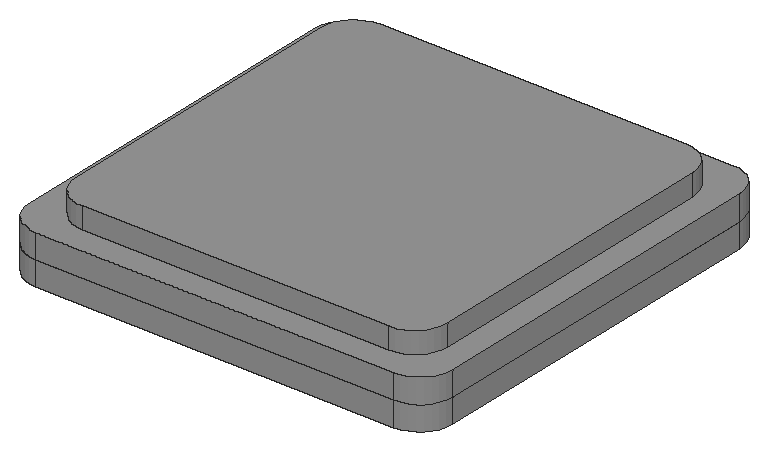
Revit family "FMS2_63_UN_Surface-mounted_ETK", category Lighting Fixtures, Revit 2019 (continued)
Definition of nested family "FMS.2 - Lightsource"
  Types (14, lengths in mm): name | Wattage Comments | Wattage | built-in parameter 1150134 | Photometric Web File | built-in parameter 1150142 | built-in parameter 1150105 | Lumens | built-in parameter 1150107 | built-in parameter 1150106 | Apparent Load
      9.9543\t468.7114\t467.3304\t465.9494\t464.7065\t463.3255\t461.3921\r\n458.9063\t456.4205\t453.9347\t451.4489\t449.1012\t446.4773\t443.9915\t441.5057\t439.0199\t436.5341\r\n434.0483\t431.4244\t428.9386\t426.3147\t423.8289\t421.205\t418.5811\t415.9572\t413.4714\t410.8475\r\n408.2236\t405.7378\t403.1139\t400.49\t398.0042\t395.2422\t392.6183\t389.9944\t387.3705\t384.7466\r\n382.2608\t379.6369\t377.013\t374.3891\t371.7652\t368.3127\t364.8602\t361.4077\t357.9552\t354.5027\r\n351.0502\t347.5977\t344.1452\t340.6927\t337.2402\t333.7877\t330.3352\t326.8827\t323.5683\t320.1158\r\n316.8014\t313.3489\t310.0345\t306.582\t303.2676\t299.8151\t296.5007\t293.0482\t289.7338\t286.4194\r\n282.9669\t279.6525\t276.3381\t273.0237\t269.7093\t266.3949\t262.5281\t258.7994\t254.9326\t251.2039\r\n247.4752\t243.7465\t240.0178\t236.2891\t232.5604\t228.9698\t225.2411\t221.5124\t217.7837\t214.055\r\n210.3263\t206.5976\t203.007\t199.4164\t195.8258\t192.2352\t188.6446\t185.054\t181.6015\t178.0109\r\n174.4203\t170.9678\t167.5153\t163.7866\t160.0579\t156.3292\t152.6005\t149.0099\t145.2812\t141.6906\r\n138.031\t134.4265\t130.8221\t127.2453\t123.6824\t120.1194\t116.584\t113.0487\t109.5133\t105.9917\r\n102.484\t98.9763\t95.4823\t91.9884\t88.4945\t85.0282\t81.5481\t76.7698\t66.6747\t56.5796\r\n46.4983\t36.417\t26.3357\t16.2544\t6.1896\t0\t0\t0\t0\t0\r\n0\t0\t0\t0\t0\t0\t0\t0\t0\t0\r\n0\r\n502.9602\t502.1316\t501.1649\t500.3363\t499.6458\t498.9553\t498.1267\t497.2981\t496.4695\t495.6409\r\n494.8123\t493.9837\t493.017\t492.0503\t491.2217\t490.1169\t489.1502\t488.0454\t486.9406\t485.8358\r\n484.8691\t483.6262\t482.3833\t481.1404\t480.0356\t478.7927\t477.5498\t476.3069\t475.064\t473.683\r\n472.302\t471.0591\t469.6781\t468.2971\t466.778\t465.397\t463.8779\t462.3588\t460.8397\t459.3206\r\n457.8015\t456.1443\t454.0728\t451.587\t449.1012\t446.4773\t443.9915\t441.3676\t438.7437\t436.1198\r\n433.4959\t430.7339\t428.11\t425.4861\t422.8622\t420.1002\t417.4763\t414.8524\t412.2285\t409.3284\r\n406.5664\t403.8044\t401.1805\t398.4185\t395.7946\t393.0326\t390.2706\t387.5086\t384.7466\t381.9846\r\n379.3607\t376.5987\t373.8367\t371.0747\t368.3127\t365.5507\t362.7887\t360.0267\t357.2647\t354.0884\r\n350.4978\t346.9072\t343.4547\t339.8641\t336.4116\t332.821\t329.3685\t325.7779\t322.3254\t318.7348\r\n315.2823\t311.6917\t308.2392\t304.6486\t301.1961\t297.7436\t294.153\t290.7005\t287.248\t283.9336\r\n280.4811\t277.0286\t273.5761\t270.1236\t266.6711\t263.2186\t259.9042\t256.4517\t253.1373\t249.8229\r\n246.2323\t242.3655\t238.4987\t234.6319\t230.9032\t227.0364\t223.3077\t219.579\t215.8503\t212.1216\r\n208.3929\t204.8023\t201.0736\t197.3449\t193.6162\t190.0256\t186.435\t182.7063\t179.1157\t175.5251\r\n171.9345\t168.3439\t164.8914\t161.3008\t157.7102\t154.2577\t150.6671\t147.0765\t143.4859\t139.8953\r\n136.2495\t132.6865\t129.1373\t125.5743\t122.0252\t118.5036\t114.9959\t111.5019\t108.0218\t104.5555\r\n101.103\t97.6505\t94.2256\t90.8007\t87.3897\t83.9924\t80.609\t77.2393\t73.8835\t67.5033\r\n57.5325\t47.5755\t37.6184\t27.6752\t17.732\t7.8027\t0\t0\t0\t0\r\n0\t0\t0\t0\t0\t0\t0\t0\t0\t0\r\n0\r\n502.9602\t502.1316\t501.1649\t500.3363\t499.6458\t498.9553\t498.2648\t497.2981\t496.4695\t495.779\r\n494.9504\t493.9837\t493.017\t492.0503\t491.0836\t489.9788\t488.874\t487.7692\t486.6644\t485.5596\r\n484.3167\t483.0738\t481.8309\t480.588\t479.3451\t478.1022\t476.7212\t475.3402\t473.9592\t472.5782\r\n471.0591\t469.6781\t468.159\t466.6399\t464.9827\t463.4636\t461.8064\t460.2873\t458.6301\t456.9729\r\n455.3157\t453.6585\t452.0013\t450.206\t448.4107\t446.6154\t444.1296\t441.5057\t438.7437\t435.9817\r\n433.3578\t430.5958\t427.9719\t425.2099\t422.3098\t419.4097\t416.5096\t413.8857\t411.1237\t408.3617\r\n405.4616\t402.5615\t399.7995\t396.8994\t393.9993\t391.2373\t388.3372\t385.5752\t382.6751\t379.6369\r\n376.7368\t373.8367\t370.9366\t368.0365\t365.1364\t362.3744\t359.4743\t356.5742\t353.6741\t350.774\r\n347.8739\t344.9738\t342.0737\t339.1736\t336.1354\t332.5448\t328.8161\t325.0874\t321.4968\t317.9062\r\n314.3156\t310.725\t306.9963\t303.4057\t299.677\t296.0864\t292.4958\t288.9052\t285.3146\t281.724\r\n278.1334\t274.5428\t270.9522\t267.4997\t263.9091\t260.4566\t257.0041\t253.5516\t250.0991\t246.5085\r\n243.056\t239.6035\t236.151\t232.6985\t229.246\t225.6554\t221.7886\t217.9218\t214.055\t210.3263\r\n206.4595\t202.7308\t199.0021\t195.2734\t191.5447\t187.816\t184.0873\t180.4967\t176.768\t173.0393\r\n169.4487\t165.8581\t162.2675\t158.6769\t155.2244\t151.6338\t148.0432\t144.5907\t141.1382\t137.6305\r\n134.0813\t130.5183\t126.9691\t123.4476\t119.9398\t116.4597\t113.0072\t109.5547\t106.1437\t102.7326\r\n99.3491\t95.9795\t92.6237\t89.2955\t85.9811\t82.6805\t79.3937\t76.1345\t72.8754\t69.6438\r\n66.4261\t59.5902\t49.7436\t39.9109\t30.092\t20.2731\t10.4638\t0.6596\t0\t0\r\n0\t0\t0\t0\t0\t0\t0\t0\t0\t0\r\n0\r\n502.9602\t502.1316\t501.1649\t500.4744\t499.7839\t499.0934\t498.2648\t497.4362\t496.6076\t495.779\r\n494.9504\t493.9837\t493.017\t492.0503\t490.9455\t489.9788\t488.874\t487.7692\t486.5263\t485.1453\r\n483.9024\t482.7976\t481.5547\t480.1737\t478.9308\t477.4117\t476.0307\t474.5116\t473.1306\t471.6115\r\n470.0924\t468.4352\t466.778\t465.2589\t463.6017\t461.9445\t460.1492\t458.492\t456.6967\t455.0395\r\n453.1061\t451.3108\t449.5155\t447.5821\t445.6487\t443.7153\t441.7819\t439.8485\t437.777\t435.8436\r\n433.7721\t430.872\t427.9719\t425.0718\t422.3098\t419.5478\t416.6477\t413.7476\t410.7094\t407.8093\r\n404.7711\t402.0091\t399.109\t396.0708\t393.0326\t389.9944\t386.9562\t383.918\t381.0179\t377.9797\r\n374.9415\t371.9033\t368.8651\t365.8269\t362.7887\t359.7505\t356.7123\t353.6741\t350.6359\t347.4596\r\n344.4214\t341.3832\t338.345\t335.3068\t332.2686\t329.0923\t326.0541\t323.0159\t319.8396\t316.8014\r\n313.7632\t310.3107\t306.582\t302.7152\t298.9865\t295.2578\t291.391\t287.6623\t284.0717\t280.343\r\n276.7524\t273.0237\t269.4331\t265.7044\t261.9757\t258.247\t254.5183\t250.9277\t247.3371\t243.7465\r\n240.1559\t236.5653\t232.9747\t229.5222\t225.9316\t222.341\t218.7504\t215.2979\t211.8454\t208.3929\r\n204.9404\t201.2117\t197.2068\t193.34\t189.6113\t185.7445\t182.0158\t178.149\t174.4203\t170.6916\r\n166.9629\t163.3723\t159.7817\t156.053\t152.6005\t148.8718\t145.2812\t141.6906\t138.2381\t134.7165\r\n131.2917\t127.8944\t124.511\t121.1689\t117.7302\t114.2777\t110.8391\t107.4418\t104.0583\t100.6887\r\n97.3329\t94.0047\t90.7179\t87.4587\t84.2134\t81.0095\t77.8332\t74.6845\t71.5358\t68.4147\r\n65.3213\t62.2279\t59.162\t52.9337\t43.1977\t33.4754\t23.767\t14.0586\t4.3626\t0\r\n0\t0\t0\t0\t0\t0\t0\t0\t0\t0\r\n0\r\n502.9602\t502.1316\t501.1649\t500.4744\t499.922\t499.2315\t498.4029\t497.5743\t496.7457\t496.0552\r\n495.0885\t494.1218\t493.1551\t492.0503\t491.0836\t489.9788\t488.874\t487.6311\t486.2501\t485.0072\r\n483.9024\t482.6595\t481.2785\t479.8975\t478.5165\t476.9974\t475.4783\t473.9592\t472.4401\t470.7829\r\n469.1257\t467.4685\t465.8113\t464.1541\t462.3588\t460.7016\t458.9063\t456.9729\t455.1776\t453.2442\r\n451.3108\t449.2393\t447.3059\t445.2344\t443.301\t441.2295\t439.158\t437.0865\t434.8769\t432.5292\r\n430.4577\t428.2481\t426.0385\t423.8289\t421.6193\t419.1335\t416.7858\t414.1619\t411.2618\t408.2236\r\n405.1854\t402.0091\t398.9709\t395.7946\t392.7564\t389.7182\t386.5419\t383.3656\t380.1893\t377.1511\r\n373.9748\t370.7985\t367.6222\t364.3078\t361.1315\t357.9552\t354.7789\t351.6026\t348.4263\t345.1119\r\n341.9356\t338.6212\t335.4449\t332.1305\t328.8161\t325.6398\t322.4635\t319.1491\t315.9728\t312.6584\r\n309.4821\t306.1677\t302.9914\t299.9532\t296.7769\t293.6006\t290.4243\t286.9718\t283.6574\t279.9287\r\n276.2\t272.4713\t268.6045\t264.7377\t260.8709\t257.0041\t253.1373\t249.4086\t245.5418\t241.8131\r\n238.0844\t234.3557\t230.4889\t226.7602\t223.1696\t219.4409\t215.7122\t211.9835\t208.3929\t204.8023\r\n201.2117\t197.6211\t194.0305\t190.4399\t186.8493\t183.2587\t179.8062\t176.3537\t172.4869\t168.6201\r\n164.7533\t161.0246\t157.2959\t153.5672\t149.8385\t146.2479\t142.5192\t138.9286\t135.4485\t131.8717\r\n128.3363\t124.8286\t121.3485\t117.9374\t114.554\t111.1981\t107.8561\t104.5693\t101.2963\t98.0234\r\n94.7642\t91.5327\t88.3288\t85.1525\t82.0176\t78.8965\t75.8307\t72.7787\t69.7681\t66.7713\r\n63.8022\t60.8469\t57.9191\t55.019\t52.1328\t47.4926\t37.8394\t28.1862\t18.5468\t8.9005\r\n0\t0\t0\t0\t0\t0\t0\t0\t0\t0\r\n0\r\n502.9602\t502.1316\t501.303\t500.6125\t500.0601\t499.3696\t498.541\t497.7124\t497.0219\t496.1933\r\n495.2266\t494.2599\t493.2932\t492.3265\t491.2217\t490.1169\t488.874\t487.6311\t486.3882\t485.1453\r\n483.9024\t482.5214\t481.2785\t479.7594\t478.2403\t476.7212\t475.2021\t473.683\t472.0258\t470.3686\r\n468.7114\t466.9161\t465.2589\t463.4636\t461.6683\t459.7349\t457.8015\t455.8681\t453.9347\t451.8632\r\n449.9298\t447.7202\t445.6487\t443.5772\t441.5057\t439.2961\t437.0865\t434.7388\t432.5292\t430.3196\r\n427.9719\t425.6242\t423.1384\t420.7907\t418.443\t416.0953\t413.6095\t411.1237\t408.6379\t406.014\r\n403.3901\t400.9043\t398.2804\t395.6565\t393.0326\t390.2706\t387.0943\t383.918\t380.6036\t377.1511\r\n373.8367\t370.6604\t367.346\t364.0316\t360.7172\t357.2647\t353.9503\t350.6359\t347.1834\t343.869\r\n340.4165\t336.964\t333.6496\t330.1971\t326.8827\t323.4302\t320.1158\t316.6633\t313.3489\t309.8964\r\n306.582\t303.1295\t299.5389\t296.0864\t292.772\t289.3195\t286.0051\t282.6907\t279.2382\t275.7857\r\n272.3332\t269.0188\t265.5663\t262.2519\t258.7994\t255.485\t252.1706\t248.8562\t245.2656\t241.2607\r\n237.1177\t233.2509\t229.3841\t225.5173\t221.6505\t217.6456\t213.7788\t209.912\t206.1833\t202.3165\r\n198.5878\t194.721\t190.9923\t187.2636\t183.5349\t179.8062\t176.0775\t172.4869\t168.7582\t165.1676\r\n161.577\t158.1245\t154.672\t151.0814\t147.6289\t143.9002\t140.0334\t136.4014\t132.7417\t129.1097\r\n125.4915\t121.9285\t118.4069\t114.8854\t111.3915\t107.9252\t104.5003\t101.0892\t97.7334\t94.3913\r\n91.1184\t87.9421\t84.821\t81.7276\t78.7032\t75.7064\t72.7511\t69.8372\t66.9647\t64.1198\r\n61.3302\t58.5682\t55.8476\t53.1547\t50.4894\t47.8516\t45.2416\t42.6453\t33.5169\t23.8637\r\n14.2243\t4.5877\t0\t0\t0\t0\t0\t0\t0\t0\r\n0\r\n502.9602\t502.1316\t501.303\t500.7506\t500.1982\t499.5077\t498.6791\t497.9886\t497.16\t496.4695\r\n495.5028\t494.5361\t493.5694\t492.6027\t491.4979\t490.3931\t489.0121\t487.7692\t486.6644\t485.4215\r\n484.1786\t482.7976\t481.2785\t479.7594\t478.3784\t476.8593\t475.2021\t473.5449\t471.8877\t470.2305\r\n468.4352\t466.778\t464.9827\t463.0493\t461.1159\t459.1825\t457.2491\t455.1776\t453.1061\t451.0346\r\n448.9631\t446.8916\t444.682\t442.4724\t440.2628\t437.9151\t435.5674\t433.3578\t430.872\t428.5243\r\n426.0385\t423.5527\t421.0669\t418.7192\t416.2334\t413.6095\t410.9856\t408.3617\t405.7378\t403.1139\r\n400.3519\t397.5899\t394.8279\t392.204\t389.5801\t386.68\t383.7799\t380.8798\t378.1178\t375.2177\r\n372.3176\t369.4175\t366.3793\t363.3411\t360.441\t357.5409\t354.5027\t350.9121\t347.4596\t344.0071\r\n340.4165\t337.1021\t333.5115\t329.9209\t326.3303\t322.8778\t319.4253\t315.8347\t312.106\t308.3773\r\n304.9248\t301.3342\t297.8817\t294.4292\t290.7005\t286.9718\t283.3812\t279.9287\t276.3381\t272.7475\r\n269.0188\t265.5663\t261.9757\t258.3851\t254.7945\t251.2039\t247.6133\t244.1608\t240.4321\t236.8415\r\n233.389\t229.7984\t226.3459\t222.7553\t219.3028\t215.7122\t212.2597\t208.6691\t205.2166\t201.4879\r\n197.483\t193.6162\t189.4732\t185.4683\t181.6015\t177.7347\t173.8679\t170.0011\t166.1343\t162.4056\r\n158.5388\t154.672\t150.9433\t147.2146\t143.624\t139.8953\t136.2909\t132.7003\t129.1649\t125.6572\r\n122.2047\t118.8489\t115.5345\t112.0267\t108.3947\t104.8179\t101.2963\t97.8991\t94.5433\t91.2427\r\n87.9973\t84.7934\t81.6585\t78.5651\t75.5407\t72.5577\t69.6162\t66.7299\t63.9127\t61.1507\r\n58.4301\t55.7648\t53.1271\t50.5308\t47.9898\t45.4901\t43.032\t40.6152\t38.2399\t35.8922\r\n30.0782\t20.3697\t10.6572\t0.9483\t0\t0\t0\t0\t0\t0\r\n0\r\n502.9602\t502.1316\t501.303\t500.8887\t500.3363\t499.6458\t498.9553\t498.2648\t497.5743\t496.7457\r\n495.779\t494.8123\t493.9837\t492.8789\t491.9122\t490.6693\t489.4264\t488.1835\t487.0787\t485.8358\r\n484.4548\t483.0738\t481.6928\t480.1737\t478.6546\t477.1355\t475.4783\t473.8211\t472.1639\t470.5067\r\n468.7114\t466.9161\t464.9827\t463.1874\t461.1159\t459.1825\t457.111\t455.0395\t452.968\t450.8965\r\n448.6869\t446.4773\t444.2677\t442.0581\t439.7104\t437.3627\t435.015\t432.5292\t430.0434\t427.5576\r\n425.0718\t422.586\t419.9621\t417.4763\t414.8524\t412.2285\t409.4665\t406.7045\t403.9425\t401.1805\r\n398.4185\t395.6565\t392.8945\t389.9944\t386.9562\t384.0561\t381.156\t378.2559\t375.2177\t372.3176\r\n369.1413\t366.1031\t363.0649\t360.0267\t356.8504\t353.6741\t350.4978\t347.3215\t344.1452\t341.107\r\n337.7926\t334.6163\t331.3019\t328.2637\t324.9493\t321.3587\t318.0443\t314.7299\t311.4155\t308.2392\r\n305.0629\t301.4723\t298.0198\t294.2911\t290.7005\t286.9718\t283.105\t279.3763\t275.6476\t271.9189\r\n268.1902\t264.4615\t260.7328\t256.866\t253.1373\t249.2705\t245.5418\t241.675\t237.9463\t234.0795\r\n230.3508\t226.7602\t222.8934\t219.1647\t215.2979\t211.5692\t207.8405\t204.1118\t200.3831\t196.6544\r\n192.9257\t189.3351\t185.7445\t182.0158\t178.2871\t174.4203\t170.8297\t167.3772\t163.7866\t160.0579\r\n156.6054\t153.0148\t149.4242\t145.4193\t141.5525\t137.6305\t133.667\t129.745\t126.0853\t122.4395\r\n118.8074\t115.1892\t111.5986\t108.008\t104.4727\t101.0063\t97.6229\t94.2671\t91.0079\t87.8454\r\n84.7382\t81.6447\t78.3441\t75.1402\t72.033\t69.0224\t66.067\t63.2222\t60.4326\t57.6844\r\n55.0052\t52.4366\t49.9508\t47.534\t45.1173\t42.7281\t40.3942\t38.1294\t35.9198\t33.7793\r\n31.6939\t29.6501\t27.6476\t18.0497\t7.8841\t0\t0\t0\t0\t0\r\n0\r\n502.9602\t502.2697\t501.4411\t501.0268\t500.4744\t499.7839\t499.0934\t498.541\t497.8505\t497.0219\r\n496.1933\t495.2266\t494.398\t493.2932\t492.3265\t491.0836\t489.8407\t488.7359\t487.6311\t486.3882\r\n485.1453\t483.6262\t482.2452\t480.7261\t479.207\t477.6879\t476.0307\t474.3735\t472.7163\t471.0591\r\n469.2638\t467.4685\t465.5351\t463.6017\t461.6683\t459.5968\t457.5253\t455.4538\t453.3823\t451.1727\r\n449.1012\t446.8916\t444.5439\t442.3343\t439.9866\t437.5008\t435.015\t432.5292\t430.0434\t427.5576\r\n424.9337\t422.4479\t419.824\t417.3382\t414.5762\t411.8142\t409.0522\t406.1521\t403.3901\t400.6281\r\n397.8661\t395.1041\t391.9278\t388.8896\t385.9895\t382.9513\t380.0512\t377.013\t373.9748\t370.7985\r\n367.6222\t364.584\t361.4077\t358.2314\t355.0551\t351.7407\t348.4263\t345.25\t341.9356\t338.7593\r\n335.4449\t332.1305\t328.678\t325.2255\t321.773\t318.3205\t315.0061\t311.6917\t308.2392\t304.6486\r\n301.1961\t297.7436\t294.2911\t290.7005\t287.1099\t283.6574\t280.0668\t276.6143\t273.1618\t269.4331\r\n265.8425\t262.2519\t258.6613\t255.0707\t251.342\t247.7514\t244.0227\t240.4321\t236.9796\t233.2509\r\n229.5222\t225.7935\t222.2029\t218.4742\t214.8836\t210.8787\t207.0119\t203.007\t199.1402\t195.2734\r\n191.2685\t187.2636\t183.2587\t179.3919\t175.387\t171.3821\t167.5153\t163.7866\t159.9198\t156.053\r\n152.1862\t148.3194\t144.4526\t140.862\t137.1195\t133.4322\t129.7726\t126.0715\t122.3428\t118.7246\r\n115.1892\t111.6953\t108.2428\t104.8041\t101.3792\t97.9958\t94.6261\t91.0908\t87.4173\t83.8267\r\n80.3466\t77.0736\t73.8559\t70.721\t67.669\t64.686\t61.7721\t58.9135\t56.1929\t53.5966\r\n51.097\t48.4869\t45.8768\t43.3772\t40.9743\t38.668\t36.4722\t34.3869\t32.4259\t30.5201\r\n28.6419\t26.8605\t25.1894\t23.5875\t22.0546\t17.2901\t5.7298\t0\t0\t0\r\n0\r\n502.9602\t502.2697\t501.5792\t501.1649\t500.7506\t500.0601\t499.3696\t498.8172\t498.2648\t497.4362\r\n496.6076\t495.779\t494.9504\t493.9837\t492.8789\t491.7741\t490.5312\t489.4264\t488.3216\t487.0787\r\n485.8358\t484.4548\t482.9357\t481.5547\t480.1737\t478.5165\t476.9974\t475.3402\t473.683\t472.0258\r\n470.3686\t468.4352\t466.5018\t464.5684\t462.635\t460.5635\t458.6301\t456.5586\t454.349\t452.2775\r\n450.0679\t447.8583\t445.6487\t443.301\t440.9533\t438.4675\t435.8436\t433.4959\t431.1482\t428.5243\r\n425.9004\t423.2765\t420.7907\t418.1668\t415.4048\t412.6428\t409.7427\t406.9807\t404.0806\t401.3186\r\n398.6947\t395.6565\t392.4802\t389.442\t386.5419\t383.5037\t380.6036\t377.4273\t374.251\t371.2128\r\n368.0365\t364.9983\t361.822\t358.5076\t355.1932\t351.8788\t348.5644\t345.25\t342.0737\t338.6212\r\n335.3068\t331.7162\t328.2637\t324.8112\t321.4968\t318.0443\t314.5918\t311.1393\t307.4106\t303.9581\r\n300.5056\t296.915\t293.1863\t289.5957\t286.0051\t282.4145\t278.8239\t275.2333\t271.5046\t267.7759\r\n264.0472\t260.3185\t256.7279\t252.8611\t249.1324\t245.4037\t241.8131\t238.0844\t234.3557\t230.4889\r\n226.6221\t222.7553\t219.0266\t215.2979\t211.5692\t207.7024\t203.8356\t199.9688\t196.102\t192.2352\r\n188.3684\t184.5016\t180.4967\t176.6299\t172.9012\t169.1725\t165.3057\t161.4389\t157.5721\t153.5672\r\n149.8385\t146.1098\t142.243\t138.5143\t134.758\t130.9878\t127.1349\t123.2819\t119.6222\t116.004\r\n112.2891\t108.5742\t104.9974\t101.4759\t97.9405\t94.2394\t90.5936\t87.0168\t83.4676\t79.9461\r\n76.5212\t73.193\t69.9062\t66.6747\t63.4846\t60.4464\t57.4358\t54.4943\t51.608\t48.8598\r\n46.1806\t43.5982\t41.0986\t38.6404\t36.0717\t33.5997\t31.3211\t29.1529\t27.109\t25.2309\r\n23.4632\t21.9855\t20.6874\t19.555\t18.6021\t17.6768\t16.9034\t16.282\t4.2549\t0\r\n0" | 89.127 (stored number, unit not read) | 1120 lm | 4000 (stored number, unit not read) | 0.89127 (stored number, unit not read) | 18 VA
